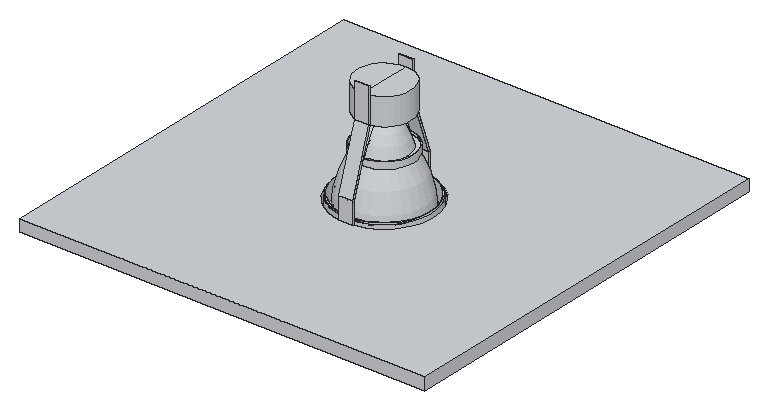
Revit family "VPX161 Downlighter", category Lighting Fixtures, Revit 2014
Parameters (values of type "VPX161")
  Wattage Comments = "19.5"
  Wattage = 19.5 W
  built-in parameter 1150110 = 1 (stored number, unit not read)
  Type Comments = "Recessed"
  Type = "VPX161"
  built-in parameter 1114217 = 1 (stored number, unit not read)
  Tilt Angle = 90.00°
  built-in parameter 1150109 = 1 (stored number, unit not read)
  built-in parameter 1150134 = (empty or 0)
  built-in parameter 1150113 = 1 (stored number, unit not read)
  Photometric Web File = "S-LL-E.ies"
  O/A Diameter (mm) = "161"
  Model = "VPX161"
  Manufacturer = "Designed Architectural Lighting"
  Luminous flux of luminaire (lm) = "2000"
  Lumens = 1998.75 lm
  built-in parameter 1150115 = 1 (stored number, unit not read)
  built-in parameter 1150105 = 159.06 (stored number, unit not read)
  built-in parameter 1150137 = (empty or 0)
  built-in parameter 1150139 = (empty or 0)
  built-in parameter 1150112 = 1 (stored number, unit not read)
  built-in parameter 1150114 = 1 (stored number, unit not read)
  Lamp = "LED"
  built-in parameter 1150132 = (empty or 0)
  built-in parameter 1150102 = (empty or 0)
  built-in parameter 1150138 = (empty or 0)
  built-in parameter 1150107 = 3000 (stored number, unit not read)
  built-in parameter 1150106 = 1.5906 (stored number, unit not read)
  Height (mm) = "188"
  built-in parameter 1150104 = 9.5226 (stored number, unit not read)
  Dimming Lamp Color Temperature Shift = <None>
  Description = "Recessed low brightness LED downlighter"
  Cut Out (mm) = "147"
  Colour temperature (K) = "27000/3000/3500/4000"
  Color Filter = 16777215
  CRI = "80"
  built-in parameter 1114218 = 1 (stored number, unit not read)
  built-in parameter 1150133 = 10 (stored number, unit not read)
  Apparent Load = 19.5 VA
  Aperture (mm) = "120"
Reference planes
  plane 1 "Light Source Axis (F/B)": y = 0
  plane 2: z = 0
  plane 3 "Light Source Axis (L/R)": x = 0
  plane 4 "Light Source Elevation": z = 0
Forms (mm)
  Revolve 1, solid
    sketch origin (0, 0, 0) x (0, 1, 0) y (0, 0, 1)
      loop
        line (39.783, 178.233) -> (0, 178.233) -> (0, 138.408) -> (39.783, 138.408) -> (39.783, 178.233)
      axis (0, 178.233) -> (0, 138.408)
    angle from 0 to 360
  Revolve 2, solid
    sketch origin (0, 0, 0) x (0, 1, 0) y (0, 0, 1)
      loop
        line (18.277, 138.408) -> (0, 138.408) -> (0, 131.98) -> (18.277, 131.98) -> (18.277, 138.408)
      axis (0, 138.408) -> (0, 131.98)
    angle from 0 to 360
  Revolve 3, solid
    sketch origin (0, 0, 0) x (0, 1, 0) y (0, 0, 1)
      loop
        line (42.531, 88.568) -> (36.002, 88.568)
        arc (36.002, 88.568) -> (20.84, 73.027) -> (0, 66.936) r 42.76
        line (0, 66.936) -> (0, 63.685)
        arc (0, 63.685) -> (21.649, 69.411) -> (37.433, 85.297) r 42.745
        line (37.433, 85.297) -> (42.531, 85.297) -> (42.531, 88.568)
      axis (0, 88.568) -> (0, 63.685)
    angle from 0 to 360
  Extrusion 4, solid
    sketch origin (1.875, -0.625, 0) x (1, 0, 0) y (0, 1, 0)
      loop
        line (-12.075, -39.191) -> (-12.075, -40.839) -> (8.246, -40.839) -> (8.246, -39.191) -> (-12.075, -39.191)
    from 138.408 to 191.208
  Extrusion 5, solid
    sketch origin (2.075, 80.578, 0) x (1, 0, 0) y (0, 1, 0)
      loop
        line (-12.075, -39.191) -> (-12.075, -40.839) -> (8.246, -40.839) -> (8.246, -39.191) -> (-12.075, -39.191)
    from 138.408 to 191.208
  Extrusion 6, solid
    sketch origin (2.075, -30.991, 0) x (1, 0, 0) y (0, 1, 0)
      loop
        line (-12.075, -39.191) -> (-12.075, -40.839) -> (8.246, -40.839) -> (8.246, -39.191) -> (-12.075, -39.191)
    from 3.8 to 52.089
  Extrusion 7, solid
    sketch origin (2.075, -31.126, 44.558) x (1, 0, 0) y (0, 0.946574, -0.322486)
      loop
        line (-12.075, -39.191) -> (-12.075, -40.839) -> (8.246, -40.839) -> (8.246, -39.191) -> (-12.075, -39.191)
    from -6.533 to 86.967
  Extrusion 8, solid
    sketch origin (2.075, 106.949, 73.754) x (1, 0, 0) y (0, 0.938597, 0.345015)
      loop
        line (-12.075, -39.191) -> (-12.075, -40.839) -> (8.246, -40.839) -> (8.246, -39.191) -> (-12.075, -39.191)
    from -5.17 to 84.518
  Extrusion 9, solid
    sketch origin (2.075, 110.905, 0) x (1, 0, 0) y (0, 1, 0)
      loop
        line (-12.075, -39.191) -> (-12.075, -40.839) -> (8.246, -40.839) -> (8.246, -39.191) -> (-12.075, -39.191)
    from 3.8 to 55.429
  Revolve 10, solid
    sketch origin (0.007, 0.002, 0.002) x (0, 1, 0) y (0, 0, 1)
      loop
        line (21.579, 131.98) -> (11.007, 131.98)
        arc (11.007, 131.98) -> (25.082, 111.644) -> (33.979, 88.568) r 104.426
        line (33.979, 88.568) -> (42.531, 88.568) -> (42.531, 90.291) -> (35.554, 90.291)
        arc (35.554, 90.291) -> (27.735, 111.123) -> (15.412, 129.649) r 97.84
        line (15.412, 129.649) -> (21.579, 129.649) -> (21.579, 131.98)
      axis (0, 131.98) -> (0, 88.568)
    angle from 0 to 360
  Revolve 11, solid
    sketch origin (-0.002, -0.001, 0) x (0, 1, 0) y (0, 0, 1)
      loop
        line (60.259, 0) -> (70.259, 0) -> (70.259, 1.419) -> (62.196, 1.419)
        arc (62.196, 1.419) -> (56.661, 43.935) -> (40.197, 83.523) r 162.465
        line (40.197, 83.523) -> (43.429, 83.523) -> (43.429, 93.523) -> (42.48, 93.523) -> (42.48, 85.294) -> (37.48, 85.294) -> (37.48, 83.523)
        arc (37.48, 83.523) -> (54.663, 43.342) -> (60.259, 0) r 159.009
      axis (0, 93.523) -> (0, 0)
    angle from 0 to 360
  Revolve 12, solid
    sketch origin (0, -0.008, 0) x (0, 1, 0) y (0, 0, 1)
      loop
        line (80.412, 0) -> (80.412, 2.117) -> (72.37, 2.117) -> (72.37, 3.8) -> (70.088, 3.8) -> (70.088, 24.673) -> (69.265, 24.673) -> (69.265, 26.768) -> (68.105, 26.768) -> (68.105, 1.768) -> (70.425, 1.768) -> (70.425, 0) -> (80.412, 0)
      axis (0, 26.768) -> (0, 0)
    angle from 0 to 360
  Extrusion 13, solid
    sketch origin (-38.915, -66.166, 2.266) x (1, 0, 0) y (0, 1, 0)
      loop
        line (-261.085, 366.181) -> (-261.085, -233.819) -> (338.915, -233.819) -> (338.915, 366.181) -> (-261.085, 366.181)
      loop
        circle (38.915, 66.181) r 73.5
    from 0 to 18
Dimensions and locks
  aligned and locked: plane 3 "Light Source Axis (L/R)" to imposter light
  aligned and locked: plane 1 "Light Source Axis (F/B)" to imposter light
  aligned and locked: plane 4 "Light Source Elevation" to imposter light
  aligned and locked: level to plane 2
